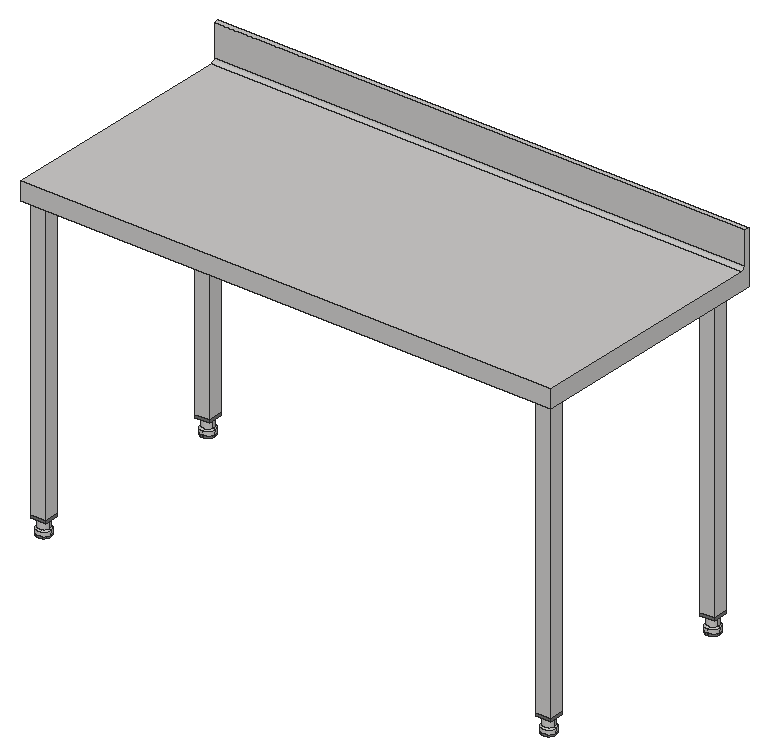
Revit family "QF_ELECTROLUXPROFESSIONAL_133234_TG1510N", category Attrezzature speciali, Revit 2020
Family settings
  Quota connettore circolare = Usa diametro
  Tipo di parte = Normale
  Basato su piano di lavoro = No
  Sempre verticale = Sì
  Taglio con vuoti quando caricato = No
  Condiviso = No
  Punto di calcolo locali = No
Parameters (values of type "Standard")
  Weight = 48.00 kg
  Watts = 0 W
  Volts = 0 V
  URL Manufacturer = "https://www.electroluxprofessional.com/"
  URL = "https://www.electroluxprofessional.com/"
  Steam Supply Size = 0 mm
  Steam Supply Minimum Pressure = 0.0 Pa
  Steam Supply Maximum Pressure = 0.0 Pa
  Steam Consumption per Hour = 0
  Refrigeration Suction Line Size = 0.0 mm
  Refrigeration Liquid Line Size = 0.0 mm
  Refrigerant Compressor Remote = yes
  Prospetto di default = 0.0 mm
  Produttore = "Electrolux Professional"
  Phase = 0
  Modello = "TG1510N"
  Length Actual = 1500.0 mm  # constant formula
  Item Number = "133234"
  Hot Water Size = 0 mm
  Height Actual = 1000.0 mm  # constant formula
  HP = "0 HP"
  Gas Size = 0 mm
  Gas KW = 0
  Gas Input Pressure = 0 W
  Direct Waste Size = 0 mm
  Descrizione = "WORK TABLE WITH UPSTAND 1500 MM"
  Depth Actual = 700.0 mm  # constant formula
  Cycle = 0 Hz
  Condensate Return Size = 0 mm
  Compressed Air Volume = 0.0 L/s
  Compressed Air Size = 0 mm
  Compressed Air Pressure = 0.0 Pa
  Cold Water Size = 0 mm
  Accessory = yes
Reference planes
  plane 1 "Center (Front/Back)": y = 0
  plane 2: z = 0
  plane 3 "Center (Left/Right)": x = -250
  plane 4 "LEFT": x = -1000
  plane 5 "RIGHT": x = 500
  plane 6 "BACK": y = 350
  plane 7 "FRONT": y = -350
  plane 8 "Base": z = 850
  plane 9 "TOP": z = 900
  plane 10: x = -964.5
  plane 11: x = 464.5
  plane 12: y = 269.5
  plane 13: y = -310.5
Forms (mm)
  Extrusion 1, solid, material "QF_Finishes_Stainless Steel"
    sketch origin (-250, 0, 0) x (0, 1, 0) y (0, 0, 1)
      loop
        line (-350, 850) -> (350, 850) -> (350, 1000) -> (337, 1000) -> (337, 910)
        arc (337, 910) -> (334.071, 902.929) -> (327, 900) r 10
        line (327, 900) -> (-350, 900) -> (-350, 850)
    from 750 to -750
Lines and regions (mm)
  symbolic lines
    curve 1: line (500, 350, 900) -> (-1000, 350, 900)
    curve 2: line (-1000, 350, 900) -> (-1000, -350, 900)
    curve 3: line (-1000, -350, 900) -> (500, -350, 900)
    curve 4: line (500, -350, 900) -> (500, 350, 900)
    curve 5: line (500, 337, 900) -> (-1000, 337, 900)
Dimensions and locks
  plane 4 "LEFT" to plane 5 "RIGHT" = 1500.0 mm
  equal spacing: plane 4 "LEFT", plane 3 "Center (Left/Right)", plane 5 "RIGHT"
  locked: plane 8 "Base" to level at 850
  plane 4 "LEFT" to plane 10 = 35.5 mm
  plane 11 to plane 5 "RIGHT" = 35.5 mm
  plane 10 to plane 11 = 1429.0 mm
  locked: Extrusion 1 to level at 1000
  plane 9 "TOP" to level = 900.0 mm
  plane 6 "BACK" to plane 12 = 80.5 mm
  plane 13 to plane 7 "FRONT" = 39.5 mm
  plane 6 "BACK" to plane 7 "FRONT" = 700.0 mm
  plane 12 to plane 13 = 580.0 mm
  equal spacing: plane 6 "BACK", plane 1 "Center (Front/Back)", plane 7 "FRONT"
  aligned and locked: level to plane 2
  aligned and locked: plane 10 to nested 1
  aligned and locked: nested 1 to plane 13
  aligned and locked: plane 11 to nested 2
  aligned and locked: nested 2 to plane 13
  aligned and locked: plane 11 to nested 4
  aligned and locked: nested 4 to plane 12
  aligned and locked: plane 10 to nested 3
  aligned and locked: nested 3 to plane 12
  aligned and locked: Extrusion 1 to plane 4 "LEFT"
  aligned and locked: plane 5 "RIGHT" to Extrusion 1
  aligned and locked: curve 2 to plane 4 "LEFT"
Automatic sketch dimensions
  Extrusion 1 sketch curve to plane 7 "FRONT" = 0.0 mm
  Extrusion 1 sketch curve to plane 9 "TOP" = 0.0 mm
  Extrusion 1 sketch curve to plane 6 "BACK" = 0.0 mm
  Extrusion 1 sketch curve to plane 8 "Base" = 0.0 mm
  plane 9 "TOP" to Extrusion 1 sketch curve = 10.0 mm
  Extrusion 1 sketch curve to plane 6 "BACK" = 13.0 mm
  Extrusion 1 sketch curve to Extrusion 1 sketch curve = 90.0 mm
  curve 3 to plane 7 "FRONT" = 0.0 mm
  curve 5 to plane 5 "RIGHT" = 0.0 mm
  curve 4 to plane 6 "BACK" = 0.0 mm
  curve 5 to plane 6 "BACK" = 13.0 mm
Nested families
  nested 1: "FEET_40x40_APP42" at (-964.5, -310.5, 0), type "FEET_40x40_APP42"
  nested 2: "FEET_40x40_APP42" at (464.5, -310.5, 0), type "FEET_40x40_APP42"
  nested 3: "FEET_40x40_APP42" at (-964.5, 269.5, 0), type "FEET_40x40_APP42"
  nested 4: "FEET_40x40_APP42" at (464.5, 269.5, 0), type "FEET_40x40_APP42"
Definition of nested family "FEET_40x40_APP42"
  Parameters
    Default Elevation = 0.0 mm
    FEET = 850.0 mm
  Reference planes
    plane 1 "Center (Front/Back)": y = 0
    plane 2: z = 0
    plane 3 "Center (Left/Right)": x = 0
    plane 4: z = 850
  Forms (mm)
    Extrusion 1, solid
      sketch origin (0, 0, 0) x (1, 0, 0) y (0, 1, 0)
        loop
          line (-20, -20) -> (20, -20) -> (20, 20) -> (-20, 20) -> (-20, -20)
      from 50 to 845
    Extrusion 2, solid
      sketch origin (0, 0, 0) x (1, 0, 0) y (0, 1, 0)
        loop
          circle (0, 0) r 20
      from 0 to 5
    Extrusion 3, solid
      sketch origin (0, 0, 0) x (1, 0, 0) y (0, 1, 0)
        loop
          line (30, 30) -> (-30, 30) -> (-30, -30) -> (30, -30) -> (30, 30)
      from 845 to 850
    Extrusion 4, solid
      sketch origin (0, 0, 0) x (1, 0, 0) y (0, 1, 0)
        loop
          line (-20, -20) -> (20, -20) -> (20, 20) -> (-20, 20) -> (-20, -20)
      from 50 to 42
    Revolve 5, solid
      sketch origin (0, 0, 0) x (1, 0, 0) y (0, 0, 1)
        loop
          line (0, 42) -> (-15, 42) -> (-15, 20) -> (-20, 15) -> (-20, 5) -> (0, 5) -> (0, 42)
        axis (0, 42) -> (0, 5)
      angle from 0 to 360
  Lines and regions (mm)
    symbolic lines
      curve 1: line (0, -1.503, 0) -> (0, 1.508, 0)
      curve 2: line (1.561, 0, 0) -> (-1.439, 0, 0)
  Dimensions and locks
    "FEET": plane 4 to plane 2
    aligned and locked: level to plane 2
  Automatic sketch dimensions
    plane 1 "Center (Front/Back)" to curve 2 = 0.0 mm
    curve 1 to plane 3 "Center (Left/Right)" = 0.0 mm
    curve 2 to plane 3 "Center (Left/Right)" = 1.439 mm
    plane 3 "Center (Left/Right)" to curve 2 = 1.561 mm
    plane 1 "Center (Front/Back)" to curve 1 = 1.503 mm
    curve 1 to plane 1 "Center (Front/Back)" = 1.508 mm
    Extrusion 1 sketch curve to plane 3 "Center (Left/Right)" = 20.0 mm
    plane 3 "Center (Left/Right)" to Extrusion 1 sketch curve = 20.0 mm
    plane 1 "Center (Front/Back)" to Extrusion 1 sketch curve = 20.0 mm
    Extrusion 1 sketch curve to plane 1 "Center (Front/Back)" = 20.0 mm
    plane 1 "Center (Front/Back)" to Extrusion 2 sketch curve = 0.0 mm
    Extrusion 2 sketch curve to plane 3 "Center (Left/Right)" = 0.0 mm
    Extrusion 3 sketch curve to plane 3 "Center (Left/Right)" = 30.0 mm
    plane 3 "Center (Left/Right)" to Extrusion 3 sketch curve = 30.0 mm
    plane 1 "Center (Front/Back)" to Extrusion 3 sketch curve = 30.0 mm
    Extrusion 3 sketch curve to plane 1 "Center (Front/Back)" = 30.0 mm
    Extrusion 4 sketch curve to plane 3 "Center (Left/Right)" = 20.0 mm
    plane 3 "Center (Left/Right)" to Extrusion 4 sketch curve = 20.0 mm
    plane 1 "Center (Front/Back)" to Extrusion 4 sketch curve = 20.0 mm
    Extrusion 4 sketch curve to plane 1 "Center (Front/Back)" = 20.0 mm
    Revolve 5 sketch curve to plane 3 "Center (Left/Right)" = 0.0 mm  (x2)
    Revolve 5 sketch curve to plane 3 "Center (Left/Right)" = 15.0 mm
    Revolve 5 sketch curve to Revolve 5 sketch curve = 5.0 mm  (x3)
    level to Revolve 5 sketch curve = 5.0 mm
    Revolve 5 sketch curve to Revolve 5 sketch curve = 10.0 mm
    Revolve 5 sketch curve to Revolve 5 sketch curve = 22.0 mm
    Revolve 5 sketch curve to level = 9.561 mm
    radius of Extrusion 2 sketch curve = 20.0 mm
